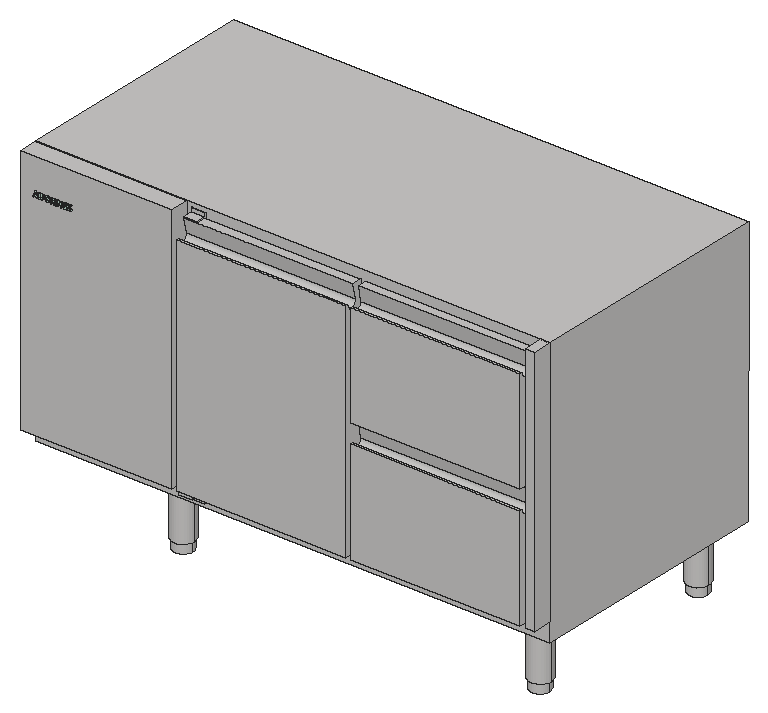
Revit family "QF_ALPENINOX_712197_AK2F7AB", category Specialty Equipment, Revit 2018 (continued)
Definition of nested family "APX_BI_BT_L"
  Automatic sketch dimensions
    Extrusion 4 sketch curve to Extrusion 4 sketch curve = 0.352 mm  (x2)
    Extrusion 4 sketch curve to Extrusion 4 sketch curve = 0.597 mm
    Extrusion 4 sketch curve to Extrusion 4 sketch curve = 2.288 mm  (x2)
    Extrusion 4 sketch curve to Extrusion 4 sketch curve = 0.533 mm  (x4)
    Extrusion 4 sketch curve to Extrusion 4 sketch curve = 0.732 mm
    Extrusion 4 sketch curve to Extrusion 4 sketch curve = 0.14 mm  (x4)
    Extrusion 4 sketch curve to Extrusion 4 sketch curve = 0.075 mm
    Extrusion 4 sketch curve to Extrusion 4 sketch curve = 0.31 mm  (x2)
    Extrusion 4 sketch curve to Extrusion 4 sketch curve = 0.473 mm
    Extrusion 4 sketch curve to Extrusion 4 sketch curve = 0.171 mm
    Extrusion 4 sketch curve to Extrusion 4 sketch curve = 0.674 mm
    Extrusion 4 sketch curve to Extrusion 4 sketch curve = 1.992 mm
    Extrusion 4 sketch curve to Extrusion 4 sketch curve = 5.4 mm
    Extrusion 4 sketch curve to Extrusion 4 sketch curve = 3.473 mm  (x2)
    Extrusion 4 sketch curve to Extrusion 4 sketch curve = 2.32 mm
    Extrusion 4 sketch curve to Extrusion 4 sketch curve = 2.431 mm
    Extrusion 4 sketch curve to Extrusion 4 sketch curve = 1.177 mm
    Extrusion 4 sketch curve to Extrusion 4 sketch curve = 0.966 mm
    Extrusion 4 sketch curve to Extrusion 4 sketch curve = 2.544 mm
    Extrusion 4 sketch curve to Extrusion 4 sketch curve = 0.346 mm
    Extrusion 4 sketch curve to Extrusion 4 sketch curve = 0.037 mm
    Extrusion 4 sketch curve to Extrusion 4 sketch curve = 2.58 mm  (x2)
    Extrusion 4 sketch curve to Extrusion 4 sketch curve = 0.793 mm  (x2)
    Extrusion 4 sketch curve to Extrusion 4 sketch curve = 0.276 mm
    Extrusion 4 sketch curve to Extrusion 4 sketch curve = 3.452 mm  (x2)
    Extrusion 4 sketch curve to Extrusion 4 sketch curve = 1.238 mm
    Extrusion 4 sketch curve to Extrusion 4 sketch curve = 3.023 mm
    Extrusion 4 sketch curve to Extrusion 4 sketch curve = 0.834 mm  (x2)
    Extrusion 4 sketch curve to Extrusion 4 sketch curve = 0.529 mm
    Extrusion 4 sketch curve to Extrusion 4 sketch curve = 0.823 mm  (x2)
    Extrusion 4 sketch curve to Extrusion 4 sketch curve = 0.947 mm
    Extrusion 4 sketch curve to Extrusion 4 sketch curve = 3.837 mm
    Extrusion 4 sketch curve to Extrusion 4 sketch curve = 0.623 mm
    Extrusion 4 sketch curve to Extrusion 4 sketch curve = 1.082 mm
    Extrusion 4 sketch curve to Extrusion 4 sketch curve = 0.801 mm
    Extrusion 4 sketch curve to Extrusion 4 sketch curve = 1 mm
    Extrusion 4 sketch curve to Extrusion 4 sketch curve = 0.089 mm
    Extrusion 4 sketch curve to Extrusion 4 sketch curve = 4.257 mm
    Extrusion 4 sketch curve to Extrusion 4 sketch curve = 4.345 mm  (x2)
    Extrusion 4 sketch curve to Extrusion 4 sketch curve = 2.576 mm
    Extrusion 4 sketch curve to Extrusion 4 sketch curve = 1.385 mm  (x4)
    Extrusion 4 sketch curve to Extrusion 4 sketch curve = 2.133 mm  (x4)
    Extrusion 4 sketch curve to Extrusion 4 sketch curve = 3.518 mm
    Extrusion 4 sketch curve to Extrusion 4 sketch curve = 3.032 mm
    Split face 198 sketch curve to Extrusion 2 = 0 mm  (x2)
    Split face 198 sketch curve to Extrusion 2 = 34 mm
    Split face 198 sketch curve to Extrusion 2 = 104 mm
    Split face 198 sketch curve to Split face 198 sketch curve = 17.5 mm
    Split face 134 sketch curve to Extrusion 2 = 135.544 mm
    Split face 134 sketch curve to Extrusion 2 = 128.176 mm
    Split face 135 sketch curve to Extrusion 2 = 80.544 mm
    Split face 135 sketch curve to Extrusion 2 = 128.176 mm
    Split face 136 sketch curve to Extrusion 2 = 135.544 mm
    Split face 136 sketch curve to Extrusion 2 = 140.176 mm
    Split face 137 sketch curve to Extrusion 2 = 80.544 mm
    Split face 137 sketch curve to Extrusion 2 = 140.176 mm
    Split face 138 sketch curve to Extrusion 2 = 135.544 mm
    Split face 138 sketch curve to Extrusion 2 = 152.176 mm
    Split face 139 sketch curve to Extrusion 2 = 80.544 mm
    Split face 139 sketch curve to Extrusion 2 = 152.176 mm
    Split face 140 sketch curve to Extrusion 2 = 135.544 mm
    Split face 140 sketch curve to Extrusion 2 = 164.176 mm
    Split face 141 sketch curve to Extrusion 2 = 80.544 mm
    Split face 141 sketch curve to Extrusion 2 = 164.176 mm
    Split face 142 sketch curve to Extrusion 2 = 135.544 mm
    Split face 142 sketch curve to Extrusion 2 = 176.176 mm
    Split face 143 sketch curve to Extrusion 2 = 80.544 mm
    Split face 143 sketch curve to Extrusion 2 = 176.176 mm
    Split face 144 sketch curve to Extrusion 2 = 135.544 mm
    Split face 144 sketch curve to Extrusion 2 = 188.176 mm
    Split face 145 sketch curve to Extrusion 2 = 80.544 mm
    Split face 145 sketch curve to Extrusion 2 = 188.176 mm
    Split face 146 sketch curve to Extrusion 2 = 135.544 mm
    Split face 146 sketch curve to Extrusion 2 = 200.176 mm
    Split face 147 sketch curve to Extrusion 2 = 80.544 mm
    Split face 147 sketch curve to Extrusion 2 = 200.176 mm
    Split face 148 sketch curve to Extrusion 2 = 135.544 mm
    Split face 148 sketch curve to Extrusion 2 = 212.176 mm
    Split face 149 sketch curve to Extrusion 2 = 80.544 mm
    Split face 149 sketch curve to Extrusion 2 = 212.176 mm
    Split face 150 sketch curve to Extrusion 2 = 135.544 mm
    Split face 150 sketch curve to Extrusion 2 = 224.176 mm
    Split face 151 sketch curve to Extrusion 2 = 80.544 mm
    Split face 151 sketch curve to Extrusion 2 = 224.176 mm
    Split face 152 sketch curve to Extrusion 2 = 135.544 mm
    Split face 152 sketch curve to Extrusion 2 = 236.176 mm
    Split face 153 sketch curve to Extrusion 2 = 80.544 mm
    Split face 153 sketch curve to Extrusion 2 = 236.176 mm
    Split face 154 sketch curve to Extrusion 2 = 135.544 mm
    Split face 154 sketch curve to Extrusion 2 = 248.176 mm
    Split face 155 sketch curve to Extrusion 2 = 80.544 mm
    Split face 155 sketch curve to Extrusion 2 = 248.176 mm
    Split face 156 sketch curve to Extrusion 2 = 135.544 mm
    Split face 156 sketch curve to Extrusion 2 = 260.176 mm
    Split face 157 sketch curve to Extrusion 2 = 80.544 mm
    Split face 157 sketch curve to Extrusion 2 = 260.176 mm
    Split face 158 sketch curve to Extrusion 2 = 135.544 mm
    Split face 158 sketch curve to Extrusion 2 = 272.176 mm
    Split face 159 sketch curve to Extrusion 2 = 80.544 mm
    Split face 159 sketch curve to Extrusion 2 = 272.176 mm
    Split face 160 sketch curve to Extrusion 2 = 135.544 mm
    Split face 160 sketch curve to Extrusion 2 = 284.176 mm
    Split face 161 sketch curve to Extrusion 2 = 80.544 mm
    Split face 161 sketch curve to Extrusion 2 = 284.176 mm
    Split face 162 sketch curve to Extrusion 2 = 135.544 mm
    Split face 162 sketch curve to Extrusion 2 = 296.176 mm
    Split face 163 sketch curve to Extrusion 2 = 80.544 mm
    Split face 163 sketch curve to Extrusion 2 = 296.176 mm
    Split face 164 sketch curve to Extrusion 2 = 135.544 mm
    Split face 164 sketch curve to Extrusion 2 = 308.176 mm
    Split face 165 sketch curve to Extrusion 2 = 80.544 mm
    Split face 165 sketch curve to Extrusion 2 = 308.176 mm
    Split face 166 sketch curve to Extrusion 2 = 135.544 mm
    Split face 166 sketch curve to Extrusion 2 = 192.174 mm
    Split face 167 sketch curve to Extrusion 2 = 80.544 mm
    Split face 167 sketch curve to Extrusion 2 = 192.174 mm
    Split face 168 sketch curve to Extrusion 2 = 135.544 mm
    Split face 168 sketch curve to Extrusion 2 = 180.174 mm
    Split face 169 sketch curve to Extrusion 2 = 80.544 mm
    Split face 169 sketch curve to Extrusion 2 = 180.174 mm
    Split face 170 sketch curve to Extrusion 2 = 135.544 mm
    Split face 170 sketch curve to Extrusion 2 = 168.174 mm
    Split face 171 sketch curve to Extrusion 2 = 80.544 mm
    Split face 171 sketch curve to Extrusion 2 = 168.174 mm
    Split face 172 sketch curve to Extrusion 2 = 135.544 mm
    Split face 172 sketch curve to Extrusion 2 = 156.174 mm
    Split face 173 sketch curve to Extrusion 2 = 80.544 mm
    Split face 173 sketch curve to Extrusion 2 = 156.174 mm
    Split face 174 sketch curve to Extrusion 2 = 135.544 mm
    Split face 174 sketch curve to Extrusion 2 = 144.174 mm
    Split face 175 sketch curve to Extrusion 2 = 80.544 mm
    Split face 175 sketch curve to Extrusion 2 = 144.174 mm
    Split face 176 sketch curve to Extrusion 2 = 135.544 mm
    Split face 176 sketch curve to Extrusion 2 = 132.174 mm
    Split face 177 sketch curve to Extrusion 2 = 80.544 mm
    Split face 177 sketch curve to Extrusion 2 = 132.174 mm
    Split face 178 sketch curve to Extrusion 2 = 135.544 mm
    Split face 178 sketch curve to Extrusion 2 = 120.174 mm
    Split face 179 sketch curve to Extrusion 2 = 80.544 mm
    Split face 179 sketch curve to Extrusion 2 = 120.174 mm
    Split face 180 sketch curve to Extrusion 2 = 135.544 mm
    Split face 180 sketch curve to Extrusion 2 = 108.174 mm
    Split face 181 sketch curve to Extrusion 2 = 80.544 mm
    Split face 181 sketch curve to Extrusion 2 = 108.174 mm
    Split face 182 sketch curve to Extrusion 2 = 135.544 mm
    Split face 182 sketch curve to Extrusion 2 = 96.174 mm
    Split face 183 sketch curve to Extrusion 2 = 80.544 mm
    Split face 183 sketch curve to Extrusion 2 = 96.174 mm
    Split face 184 sketch curve to Extrusion 2 = 135.544 mm
    Split face 184 sketch curve to Extrusion 2 = 84.174 mm
    Split face 185 sketch curve to Extrusion 2 = 80.544 mm
    Split face 185 sketch curve to Extrusion 2 = 84.174 mm
    Split face 186 sketch curve to Extrusion 2 = 135.544 mm
    Split face 186 sketch curve to Extrusion 2 = 72.174 mm
    Split face 187 sketch curve to Extrusion 2 = 80.544 mm
    Split face 187 sketch curve to Extrusion 2 = 72.174 mm
    Split face 188 sketch curve to Extrusion 2 = 135.544 mm
    Split face 188 sketch curve to Extrusion 2 = 60.174 mm
    Split face 189 sketch curve to Extrusion 2 = 80.544 mm
    Split face 189 sketch curve to Extrusion 2 = 60.174 mm
    Split face 190 sketch curve to Extrusion 2 = 56.174 mm
    Split face 190 sketch curve to Extrusion 2 = 135.544 mm
    Split face 191 sketch curve to Extrusion 2 = 80.544 mm
    Split face 191 sketch curve to Extrusion 2 = 48.174 mm
    Split face 192 sketch curve to Extrusion 2 = 44.174 mm
    Split face 192 sketch curve to Extrusion 2 = 135.544 mm
    Split face 193 sketch curve to Extrusion 2 = 80.544 mm
    Split face 193 sketch curve to Extrusion 2 = 36.174 mm
    Split face 194 sketch curve to Extrusion 2 = 32.174 mm
    Split face 194 sketch curve to Extrusion 2 = 135.544 mm
    Split face 195 sketch curve to Extrusion 2 = 32.174 mm
    Split face 195 sketch curve to Extrusion 2 = 80.544 mm
    Split face 196 sketch curve to Extrusion 2 = 20.174 mm
    Split face 196 sketch curve to Extrusion 2 = 135.544 mm
    Split face 197 sketch curve to Extrusion 2 = 20.174 mm
    Split face 197 sketch curve to Extrusion 2 = 80.544 mm
    Split face 4 sketch curve to Extrusion 2 = 38.456 mm
    Split face 4 sketch curve to Extrusion 2 = 128.176 mm
    Split face 5 sketch curve to Extrusion 2 = 190.544 mm
    Split face 5 sketch curve to Extrusion 2 = 128.176 mm
    Split face 6 sketch curve to Extrusion 2 = 93.456 mm
    Split face 6 sketch curve to Extrusion 2 = 128.176 mm
    Split face 7 sketch curve to Extrusion 2 = 148.456 mm
    Split face 7 sketch curve to Extrusion 2 = 128.176 mm
    Split face 9 sketch curve to Extrusion 2 = 38.456 mm
    Split face 9 sketch curve to Extrusion 2 = 140.176 mm
    Split face 10 sketch curve to Extrusion 2 = 190.544 mm
    Split face 10 sketch curve to Extrusion 2 = 140.176 mm
    Split face 11 sketch curve to Extrusion 2 = 93.456 mm
    Split face 11 sketch curve to Extrusion 2 = 140.176 mm
    Split face 12 sketch curve to Extrusion 2 = 148.456 mm
    Split face 12 sketch curve to Extrusion 2 = 140.176 mm
    Split face 13 sketch curve to Extrusion 2 = 38.456 mm
    Split face 13 sketch curve to Extrusion 2 = 152.176 mm
    Split face 14 sketch curve to Extrusion 2 = 190.544 mm
    Split face 14 sketch curve to Extrusion 2 = 152.176 mm
    Split face 15 sketch curve to Extrusion 2 = 93.456 mm
    Split face 15 sketch curve to Extrusion 2 = 152.176 mm
    Split face 16 sketch curve to Extrusion 2 = 148.456 mm
    Split face 16 sketch curve to Extrusion 2 = 152.176 mm
    Split face 17 sketch curve to Extrusion 2 = 38.456 mm
    Split face 17 sketch curve to Extrusion 2 = 164.176 mm
    Split face 18 sketch curve to Extrusion 2 = 190.544 mm
    Split face 18 sketch curve to Extrusion 2 = 164.176 mm
    Split face 19 sketch curve to Extrusion 2 = 93.456 mm
    Split face 19 sketch curve to Extrusion 2 = 164.176 mm
    Split face 20 sketch curve to Extrusion 2 = 148.456 mm
    Split face 20 sketch curve to Extrusion 2 = 164.176 mm
    Split face 21 sketch curve to Extrusion 2 = 38.456 mm
    Split face 21 sketch curve to Extrusion 2 = 176.176 mm
    Split face 22 sketch curve to Extrusion 2 = 190.544 mm
    Split face 22 sketch curve to Extrusion 2 = 176.176 mm
    Split face 23 sketch curve to Extrusion 2 = 93.456 mm
    Split face 23 sketch curve to Extrusion 2 = 176.176 mm
    Split face 24 sketch curve to Extrusion 2 = 148.456 mm
    Split face 24 sketch curve to Extrusion 2 = 176.176 mm
    Split face 25 sketch curve to Extrusion 2 = 38.456 mm
    Split face 25 sketch curve to Extrusion 2 = 188.176 mm
    Split face 26 sketch curve to Extrusion 2 = 190.544 mm
    Split face 26 sketch curve to Extrusion 2 = 188.176 mm
    Split face 27 sketch curve to Extrusion 2 = 93.456 mm
    Split face 27 sketch curve to Extrusion 2 = 188.176 mm
    Split face 28 sketch curve to Extrusion 2 = 148.456 mm
    Split face 28 sketch curve to Extrusion 2 = 188.176 mm
    Split face 29 sketch curve to Extrusion 2 = 38.456 mm
    Split face 29 sketch curve to Extrusion 2 = 200.176 mm
    Split face 30 sketch curve to Extrusion 2 = 190.544 mm
    Split face 30 sketch curve to Extrusion 2 = 200.176 mm
    Split face 31 sketch curve to Extrusion 2 = 93.456 mm
    Split face 31 sketch curve to Extrusion 2 = 200.176 mm
    Split face 32 sketch curve to Extrusion 2 = 148.456 mm
    Split face 32 sketch curve to Extrusion 2 = 200.176 mm
    Split face 33 sketch curve to Extrusion 2 = 38.456 mm
    Split face 33 sketch curve to Extrusion 2 = 212.176 mm
    Split face 34 sketch curve to Extrusion 2 = 190.544 mm
    Split face 34 sketch curve to Extrusion 2 = 212.176 mm
    Split face 35 sketch curve to Extrusion 2 = 93.456 mm
    Split face 35 sketch curve to Extrusion 2 = 212.176 mm
    Split face 36 sketch curve to Extrusion 2 = 148.456 mm
    Split face 36 sketch curve to Extrusion 2 = 212.176 mm
    Split face 37 sketch curve to Extrusion 2 = 38.456 mm
    Split face 37 sketch curve to Extrusion 2 = 224.176 mm
    Split face 38 sketch curve to Extrusion 2 = 190.544 mm
    Split face 38 sketch curve to Extrusion 2 = 224.176 mm
    Split face 39 sketch curve to Extrusion 2 = 93.456 mm
    Split face 39 sketch curve to Extrusion 2 = 224.176 mm
    Split face 40 sketch curve to Extrusion 2 = 148.456 mm
    Split face 40 sketch curve to Extrusion 2 = 224.176 mm
    Split face 41 sketch curve to Extrusion 2 = 38.456 mm
    Split face 41 sketch curve to Extrusion 2 = 236.176 mm
    Split face 42 sketch curve to Extrusion 2 = 190.544 mm
    Split face 42 sketch curve to Extrusion 2 = 236.176 mm
    Split face 43 sketch curve to Extrusion 2 = 93.456 mm
    Split face 43 sketch curve to Extrusion 2 = 236.176 mm
    Split face 44 sketch curve to Extrusion 2 = 148.456 mm
    Split face 44 sketch curve to Extrusion 2 = 236.176 mm
    Split face 45 sketch curve to Extrusion 2 = 38.456 mm
    Split face 45 sketch curve to Extrusion 2 = 248.176 mm
    Split face 46 sketch curve to Extrusion 2 = 190.544 mm
    Split face 46 sketch curve to Extrusion 2 = 248.176 mm
    Split face 47 sketch curve to Extrusion 2 = 93.456 mm
    Split face 47 sketch curve to Extrusion 2 = 248.176 mm
    Split face 48 sketch curve to Extrusion 2 = 148.456 mm
    Split face 48 sketch curve to Extrusion 2 = 248.176 mm
    Split face 49 sketch curve to Extrusion 2 = 38.456 mm
    Split face 49 sketch curve to Extrusion 2 = 260.176 mm
    Split face 50 sketch curve to Extrusion 2 = 190.544 mm
    Split face 50 sketch curve to Extrusion 2 = 260.176 mm
    Split face 51 sketch curve to Extrusion 2 = 93.456 mm
    Split face 51 sketch curve to Extrusion 2 = 260.176 mm
    Split face 52 sketch curve to Extrusion 2 = 148.456 mm
    Split face 52 sketch curve to Extrusion 2 = 260.176 mm
    Split face 53 sketch curve to Extrusion 2 = 38.456 mm
    Split face 53 sketch curve to Extrusion 2 = 272.176 mm
    Split face 54 sketch curve to Extrusion 2 = 190.544 mm
    Split face 54 sketch curve to Extrusion 2 = 272.176 mm
    Split face 55 sketch curve to Extrusion 2 = 93.456 mm
    Split face 55 sketch curve to Extrusion 2 = 272.176 mm
    Split face 56 sketch curve to Extrusion 2 = 148.456 mm
    Split face 56 sketch curve to Extrusion 2 = 272.176 mm
    Split face 57 sketch curve to Extrusion 2 = 38.456 mm
    Split face 57 sketch curve to Extrusion 2 = 284.176 mm
    Split face 58 sketch curve to Extrusion 2 = 190.544 mm
    Split face 58 sketch curve to Extrusion 2 = 284.176 mm
    Split face 59 sketch curve to Extrusion 2 = 93.456 mm
    Split face 59 sketch curve to Extrusion 2 = 284.176 mm
    Split face 60 sketch curve to Extrusion 2 = 148.456 mm
    Split face 60 sketch curve to Extrusion 2 = 284.176 mm
    Split face 61 sketch curve to Extrusion 2 = 38.456 mm
    Split face 61 sketch curve to Extrusion 2 = 296.176 mm
    Split face 62 sketch curve to Extrusion 2 = 190.544 mm
    Split face 62 sketch curve to Extrusion 2 = 296.176 mm
    Split face 63 sketch curve to Extrusion 2 = 93.456 mm
    Split face 63 sketch curve to Extrusion 2 = 296.176 mm
    Split face 64 sketch curve to Extrusion 2 = 148.456 mm
    Split face 64 sketch curve to Extrusion 2 = 296.176 mm
    Split face 65 sketch curve to Extrusion 2 = 38.456 mm
    Split face 65 sketch curve to Extrusion 2 = 308.176 mm
    Split face 66 sketch curve to Extrusion 2 = 190.544 mm
    Split face 66 sketch curve to Extrusion 2 = 308.176 mm
    Split face 67 sketch curve to Extrusion 2 = 93.456 mm
    Split face 67 sketch curve to Extrusion 2 = 308.176 mm
    Split face 68 sketch curve to Extrusion 2 = 148.456 mm
    Split face 68 sketch curve to Extrusion 2 = 308.176 mm
    Split face 70 sketch curve to Extrusion 2 = 38.456 mm
    Split face 70 sketch curve to Extrusion 2 = 192.174 mm
    Split face 71 sketch curve to Extrusion 2 = 190.544 mm
    Split face 71 sketch curve to Extrusion 2 = 192.174 mm
    Split face 72 sketch curve to Extrusion 2 = 93.456 mm
    Split face 72 sketch curve to Extrusion 2 = 192.174 mm
    Split face 73 sketch curve to Extrusion 2 = 148.456 mm
    Split face 73 sketch curve to Extrusion 2 = 192.174 mm
    Split face 74 sketch curve to Extrusion 2 = 38.456 mm
    Split face 74 sketch curve to Extrusion 2 = 180.174 mm
    Split face 75 sketch curve to Extrusion 2 = 190.544 mm
    Split face 75 sketch curve to Extrusion 2 = 180.174 mm
    Split face 76 sketch curve to Extrusion 2 = 93.456 mm
    Split face 76 sketch curve to Extrusion 2 = 180.174 mm
    Split face 77 sketch curve to Extrusion 2 = 148.456 mm
    Split face 77 sketch curve to Extrusion 2 = 180.174 mm
    Split face 78 sketch curve to Extrusion 2 = 38.456 mm
    Split face 78 sketch curve to Extrusion 2 = 168.174 mm
    Split face 79 sketch curve to Extrusion 2 = 190.544 mm
    Split face 79 sketch curve to Extrusion 2 = 168.174 mm
    Split face 80 sketch curve to Extrusion 2 = 93.456 mm
    Split face 80 sketch curve to Extrusion 2 = 168.174 mm
    Split face 81 sketch curve to Extrusion 2 = 148.456 mm
    Split face 81 sketch curve to Extrusion 2 = 168.174 mm
    Split face 82 sketch curve to Extrusion 2 = 38.456 mm
    Split face 82 sketch curve to Extrusion 2 = 156.174 mm
    Split face 83 sketch curve to Extrusion 2 = 190.544 mm
    Split face 83 sketch curve to Extrusion 2 = 156.174 mm
    Split face 84 sketch curve to Extrusion 2 = 93.456 mm
    Split face 84 sketch curve to Extrusion 2 = 156.174 mm
    Split face 85 sketch curve to Extrusion 2 = 148.456 mm
    Split face 85 sketch curve to Extrusion 2 = 156.174 mm
    Split face 86 sketch curve to Extrusion 2 = 38.456 mm
    Split face 86 sketch curve to Extrusion 2 = 144.174 mm
    Split face 87 sketch curve to Extrusion 2 = 190.544 mm
    Split face 87 sketch curve to Extrusion 2 = 144.174 mm
    Split face 88 sketch curve to Extrusion 2 = 93.456 mm
    Split face 88 sketch curve to Extrusion 2 = 144.174 mm
    Split face 89 sketch curve to Extrusion 2 = 148.456 mm
    Split face 89 sketch curve to Extrusion 2 = 144.174 mm
    Split face 90 sketch curve to Extrusion 2 = 38.456 mm
    Split face 90 sketch curve to Extrusion 2 = 132.174 mm
    Split face 91 sketch curve to Extrusion 2 = 190.544 mm
    Split face 91 sketch curve to Extrusion 2 = 132.174 mm
    Split face 92 sketch curve to Extrusion 2 = 93.456 mm
    Split face 92 sketch curve to Extrusion 2 = 132.174 mm
    Split face 93 sketch curve to Extrusion 2 = 148.456 mm
    Split face 93 sketch curve to Extrusion 2 = 132.174 mm
    Split face 94 sketch curve to Extrusion 2 = 38.456 mm
    Split face 94 sketch curve to Extrusion 2 = 120.174 mm
    Split face 95 sketch curve to Extrusion 2 = 190.544 mm
    Split face 95 sketch curve to Extrusion 2 = 120.174 mm
    Split face 96 sketch curve to Extrusion 2 = 93.456 mm
    Split face 96 sketch curve to Extrusion 2 = 120.174 mm
    Split face 97 sketch curve to Extrusion 2 = 148.456 mm
    Split face 97 sketch curve to Extrusion 2 = 120.174 mm
    Split face 98 sketch curve to Extrusion 2 = 38.456 mm
    Split face 98 sketch curve to Extrusion 2 = 108.174 mm
    Split face 99 sketch curve to Extrusion 2 = 190.544 mm
    Split face 99 sketch curve to Extrusion 2 = 108.174 mm
    Split face 100 sketch curve to Extrusion 2 = 93.456 mm
    Split face 100 sketch curve to Extrusion 2 = 108.174 mm
    Split face 101 sketch curve to Extrusion 2 = 148.456 mm
    Split face 101 sketch curve to Extrusion 2 = 108.174 mm
    Split face 102 sketch curve to Extrusion 2 = 38.456 mm
    Split face 102 sketch curve to Extrusion 2 = 96.174 mm
    Split face 103 sketch curve to Extrusion 2 = 190.544 mm
    Split face 103 sketch curve to Extrusion 2 = 96.174 mm
    Split face 104 sketch curve to Extrusion 2 = 93.456 mm
    Split face 104 sketch curve to Extrusion 2 = 96.174 mm
    Split face 105 sketch curve to Extrusion 2 = 148.456 mm
    Split face 105 sketch curve to Extrusion 2 = 96.174 mm
    Split face 106 sketch curve to Extrusion 2 = 38.456 mm
    Split face 106 sketch curve to Extrusion 2 = 84.174 mm
    Split face 107 sketch curve to Extrusion 2 = 92.174 mm
    Split face 107 sketch curve to Extrusion 2 = 190.544 mm
    Split face 108 sketch curve to Extrusion 2 = 93.456 mm
    Split face 108 sketch curve to Extrusion 2 = 84.174 mm
    Split face 109 sketch curve to Extrusion 2 = 148.456 mm
    Split face 109 sketch curve to Extrusion 2 = 84.174 mm
    Split face 110 sketch curve to Extrusion 2 = 38.456 mm
    Split face 110 sketch curve to Extrusion 2 = 72.174 mm
    Split face 111 sketch curve to Extrusion 2 = 80.174 mm
    Split face 111 sketch curve to Extrusion 2 = 190.544 mm
    Split face 112 sketch curve to Extrusion 2 = 93.456 mm
    Split face 112 sketch curve to Extrusion 2 = 72.174 mm
    Split face 113 sketch curve to Extrusion 2 = 148.456 mm
    Split face 113 sketch curve to Extrusion 2 = 72.174 mm
    Split face 114 sketch curve to Extrusion 2 = 38.456 mm
    Split face 114 sketch curve to Extrusion 2 = 60.174 mm
    Split face 115 sketch curve to Extrusion 2 = 68.174 mm
    Split face 115 sketch curve to Extrusion 2 = 190.544 mm
    Split face 116 sketch curve to Extrusion 2 = 93.456 mm
    Split face 116 sketch curve to Extrusion 2 = 60.174 mm
    Split face 117 sketch curve to Extrusion 2 = 68.174 mm
    Split face 117 sketch curve to Extrusion 2 = 148.456 mm
    Split face 118 sketch curve to Extrusion 2 = 38.456 mm
    Split face 118 sketch curve to Extrusion 2 = 48.174 mm
    Split face 119 sketch curve to Extrusion 2 = 56.174 mm
    Split face 119 sketch curve to Extrusion 2 = 190.544 mm
    Split face 120 sketch curve to Extrusion 2 = 93.456 mm
    Split face 120 sketch curve to Extrusion 2 = 48.174 mm
    Split face 121 sketch curve to Extrusion 2 = 56.174 mm
    Split face 121 sketch curve to Extrusion 2 = 148.456 mm
    Split face 122 sketch curve to Extrusion 2 = 38.456 mm
    Split face 122 sketch curve to Extrusion 2 = 36.174 mm
    Split face 123 sketch curve to Extrusion 2 = 44.174 mm
    Split face 123 sketch curve to Extrusion 2 = 190.544 mm
    Split face 124 sketch curve to Extrusion 2 = 44.174 mm
    Split face 124 sketch curve to Extrusion 2 = 93.456 mm
    Split face 125 sketch curve to Extrusion 2 = 44.174 mm
    Split face 125 sketch curve to Extrusion 2 = 148.456 mm
    Split face 126 sketch curve to Extrusion 2 = 38.456 mm
    Split face 126 sketch curve to Extrusion 2 = 24.174 mm
    Split face 127 sketch curve to Extrusion 2 = 32.174 mm
    Split face 127 sketch curve to Extrusion 2 = 190.544 mm
    Split face 128 sketch curve to Extrusion 2 = 32.174 mm
    Split face 128 sketch curve to Extrusion 2 = 93.456 mm
    Split face 129 sketch curve to Extrusion 2 = 32.174 mm
    Split face 129 sketch curve to Extrusion 2 = 148.456 mm
    Split face 130 sketch curve to Extrusion 2 = 38.456 mm
    Split face 130 sketch curve to Extrusion 2 = 12.174 mm
    Split face 131 sketch curve to Extrusion 2 = 20.174 mm
    Split face 131 sketch curve to Extrusion 2 = 190.544 mm
    Split face 132 sketch curve to Extrusion 2 = 20.174 mm
    Split face 132 sketch curve to Extrusion 2 = 93.456 mm
    Split face 133 sketch curve to Extrusion 2 = 20.174 mm
    Split face 133 sketch curve to Extrusion 2 = 148.456 mm
    curve 1 to level = 0 mm
    curve 1 to plane 5 = 0 mm
    curve 1 to curve 1 = 50 mm
Definition of nested family "APX_SD_L"
  Parameters
    Show Clearance [instance] = yes
    Default Elevation = 1219.2 mm
  Reference planes
    plane 1 "Center (Front/Back)": y = 0
    plane 2: z = 0
    plane 3 "Center (Left/Right)": x = 0
    plane 4: x = -234
    plane 5: x = 234
  Forms (mm)
    Extrusion 1, solid
      sketch origin (0, 0, 0) x (1, 0, 0) y (0, 1, 0)
        loop
          line (-1219.2, 1219.2) -> (-1219.2, -1219.2) -> (1219.2, -1219.2) -> (1219.2, 1219.2) -> (-1219.2, 1219.2)
      from 0 to -304.8
    Extrusion 2, solid
      sketch origin (0, 0, -3) x (0, 1, 0) y (0, 0, 1)
        loop
          line (-314, 53) -> (-314, 3) -> (314, 3) -> (314, 29) -> (274.395, 20)
          arc (274.395, 20) -> (260.396, 33.803) -> (274, 47.994) r 14
          line (274, 47.994) -> (274, 53) -> (-314, 53)
      from -220 to 220
    Extrusion 3, solid
      sketch origin (0, 0, 0) x (0, 1, 0) y (0, 0, -1)
        loop
          line (-323.003, -40.312) -> (-323.003, -12.259) -> (-323.003, 0) -> (-351.511, 0) -> (-351.511, -2.5) -> (-325.503, -2.5) -> (-325.503, -42.812) -> (-316.501, -42.812) -> (-316.501, -40.312) -> (-323.003, -40.312)
        loop
          line (-314, -38.311) -> (-314, -11.804) -> (-319.752, -11.804) -> (-319.752, -14.304) -> (-316.501, -14.304) -> (-316.501, -38.311) -> (-314, -38.311)
        loop
          line (315.003, -27.948) -> (317.503, -27.948) -> (317.503, -2.5) -> (327.503, -2.5) -> (327.503, 0) -> (315.003, 0) -> (315.003, -2.948) -> (315.003, -27.948)
      from 185 to 220
    Extrusion 4, solid, visible <- "Show Clearance", detail levels coarse
      sketch origin (0, 0, -3) x (-1, 0, 0) y (0, 0, -1)
        loop
          line (220, -53) -> (-220, -53)
          arc (-220, -53) -> (-79.636, -340.04) -> (220, -451) r 430
          line (220, -451) -> (220, -53)
      from -314 to 314
  Lines and regions (mm)
    symbolic lines
      curve 1: arc (219.599, 0, 55) -> (95.934, 0, 321.503) -> (-170, 0, 446.39) r 430
      curve 2: line (-220, 0, 55) -> (-220, 0, 448)
      curve 3: line (-170, 0, 55) -> (-170, 0, 448)
      curve 4: line (-220, 0, 448) -> (-170, 0, 448)
  Dimensions and locks
    plane 4 to plane 3 "Center (Left/Right)" to plane 5 = 234 mm locked, 234 mm locked
    aligned and locked: plane 2 to Extrusion 1
    aligned and locked: level to Extrusion 1
Definition of nested family "APX_HALF"
  Parameters
    Show Clearance [instance] = yes
    Default Elevation = 1219.2 mm
  Reference planes
    plane 1 "Center (Front/Back)": y = 0
    plane 2: z = 0
    plane 3 "Center (Left/Right)": x = 0
    plane 4: x = -234
    plane 5: x = 234
    plane 6: z = 618
  Forms (mm)
    Extrusion 1, solid
      sketch origin (0, 0, 0) x (1, 0, 0) y (0, 1, 0)
        loop
          line (-1219.2, 1219.2) -> (-1219.2, -1219.2) -> (1219.2, -1219.2) -> (1219.2, 1219.2) -> (-1219.2, 1219.2)
      from 0 to -304.8
    Extrusion 2, solid
      sketch origin (0, 0, 0) x (0, 1, 0) y (0, 0, 1)
        loop
          line (314, 0) -> (314, 26) -> (274.395, 17)
          arc (274.395, 17) -> (260.395, 31) -> (274.395, 45) r 14
          line (274.395, 45) -> (274.395, 50) -> (5, 50) -> (5, 0) -> (314, 0)
        loop
          line (-5, 0) -> (-5, 26) -> (-44.605, 17)
          arc (-44.605, 17) -> (-58.605, 31) -> (-44.605, 45) r 14
          line (-44.605, 45) -> (-44.605, 50) -> (-314, 50) -> (-314, 0) -> (-5, 0)
      from -220 to 220
    Extrusion 3, solid, visible <- "Show Clearance", detail levels coarse
      sketch origin (0, 0, 512) x (0, 1, 0) y (0, 0, 1)
        loop
          line (-314, 106) -> (-314, -462) -> (-5, -462) -> (-5, 82) -> (-44.605, 73)
          arc (-44.605, 73) -> (-58.605, 87) -> (-44.605, 101) r 14
          line (-44.605, 101) -> (-44.605, 106) -> (-314, 106)
        loop
          line (314, -462) -> (314, 82) -> (274.395, 73)
          arc (274.395, 73) -> (260.395, 87) -> (274.395, 101) r 14
          line (274.395, 101) -> (274.395, 106) -> (5, 106) -> (5, -462) -> (314, -462)
      from -220 to 220
  Lines and regions (mm)
    symbolic lines
      curve 1: line (220, 0, 139.793) -> (-220, 0, 139.793)
      curve 2: line (220, 0, 174.793) -> (-220, 0, 174.793)
      curve 3: line (220, 0, 259.793) -> (-220, 0, 259.793)
      curve 4: line (220, 0, 294.793) -> (-220, 0, 294.793)
      curve 5: line (191.424, 0, 139.793) -> (191.424, 0, 54.793)
      curve 6: line (-190, 0, 139.793) -> (-190, 0, 54.793)
      curve 7: line (191.424, 0, 259.793) -> (191.424, 0, 174.793)
      curve 8: line (-190, 0, 259.793) -> (-190, 0, 174.793)
      curve 9: line (220, 0, 259.793) -> (220, 0, 294.793)
      curve 10: line (-220, 0, 259.793) -> (-220, 0, 294.793)
      curve 11: line (220, 0, 139.793) -> (220, 0, 174.793)
      curve 12: line (-220, 0, 139.793) -> (-220, 0, 174.793)
  Dimensions and locks
    plane 4 to plane 3 "Center (Left/Right)" to plane 5 = 234 mm locked, 234 mm locked
    plane 6 to level = 618 mm
    aligned and locked: plane 2 to Extrusion 1
    aligned and locked: level to Extrusion 1
Definition of nested family "Freezer"
  Reference planes
    plane 1 "Center (Front/Back)": y = 0
    plane 2: z = 0
    plane 3 "Center (Left/Right)": x = 0
  Lines and regions (mm)
    detail lines, in view "Ref. Level"
      curve 1: spline (-500, 190, 0) -> (-493.185, 166.706, 0) -> (-473.205, 145, 0) -> (-441.421, 126.36, 0) -> (-400, 112.058, 0) -> (-351.764, 103.067, 0) -> (-300, 100, 0) -> (-248.236, 103.067, 0) -> (-200, 112.058, 0) -> (-158.579, 126.36, 0) -> (-126.795, 145, 0) -> (-106.815, 166.706, 0) -> (-100, 190, 0) -> (-106.815, 213.294, 0) -> (-126.795, 235, 0) -> (-158.579, 253.64, 0) -> (-200, 267.942, 0) -> (-248.236, 276.933, 0) -> (-300, 280, 0) -> (-351.764, 276.933, 0) -> (-400, 267.942, 0) -> (-441.421, 253.64, 0) -> (-473.205, 235, 0) -> (-493.185, 213.294, 0) -> (-500, 190, 0)
      curve 2: line (-220, 130, 0) -> (-220, 250, 0)
      curve 3: line (-271.962, 220, 0) -> (-168.038, 160, 0)
      curve 4: line (-271.962, 160, 0) -> (-168.038, 220, 0)
      curve 5: line (-200.884, 246.873, 0) -> (-220, 225, 0)
      curve 6: line (-220, 225, 0) -> (-239.116, 246.873, 0)
      curve 7: line (-250.311, 207.5, 0) -> (-260, 235.883, 0)
      curve 8: line (-279.736, 201.7, 0) -> (-250.311, 207.5, 0)
      curve 9: line (-250.311, 172.5, 0) -> (-279.736, 178.3, 0)
      curve 10: line (-260, 144.117, 0) -> (-250.311, 172.5, 0)
      curve 11: line (-220, 155, 0) -> (-239.116, 133.127, 0)
      curve 12: line (-200.884, 133.127, 0) -> (-220, 155, 0)
      curve 13: line (-189.689, 172.5, 0) -> (-180.304, 145.008, 0)
      curve 14: line (-161.188, 178.118, 0) -> (-189.689, 172.5, 0)
      curve 15: line (-189.689, 207.5, 0) -> (-161.188, 201.882, 0)
      curve 16: line (-180.304, 234.992, 0) -> (-189.689, 207.5, 0)
      curve 17: line (-380, 130, 0) -> (-380, 250, 0)
      curve 18: line (-431.962, 220, 0) -> (-328.038, 160, 0)
      curve 19: line (-431.962, 160, 0) -> (-328.038, 220, 0)
      curve 20: line (-360.884, 246.873, 0) -> (-380, 225, 0)
      curve 21: line (-380, 225, 0) -> (-399.116, 246.873, 0)
      curve 22: line (-410.311, 207.5, 0) -> (-419.696, 234.992, 0)
      curve 23: line (-438.812, 201.882, 0) -> (-410.311, 207.5, 0)
      curve 24: line (-410.311, 172.5, 0) -> (-438.812, 178.118, 0)
      curve 25: line (-419.696, 145.008, 0) -> (-410.311, 172.5, 0)
      curve 26: line (-380, 155, 0) -> (-399.116, 133.127, 0)
      curve 27: line (-360.884, 133.127, 0) -> (-380, 155, 0)
      curve 28: line (-349.689, 172.5, 0) -> (-340, 144.117, 0)
      curve 29: line (-320.264, 178.3, 0) -> (-349.689, 172.5, 0)
      curve 30: line (-349.689, 207.5, 0) -> (-320.264, 201.7, 0)
      curve 31: line (-340, 235.883, 0) -> (-349.689, 207.5, 0)
